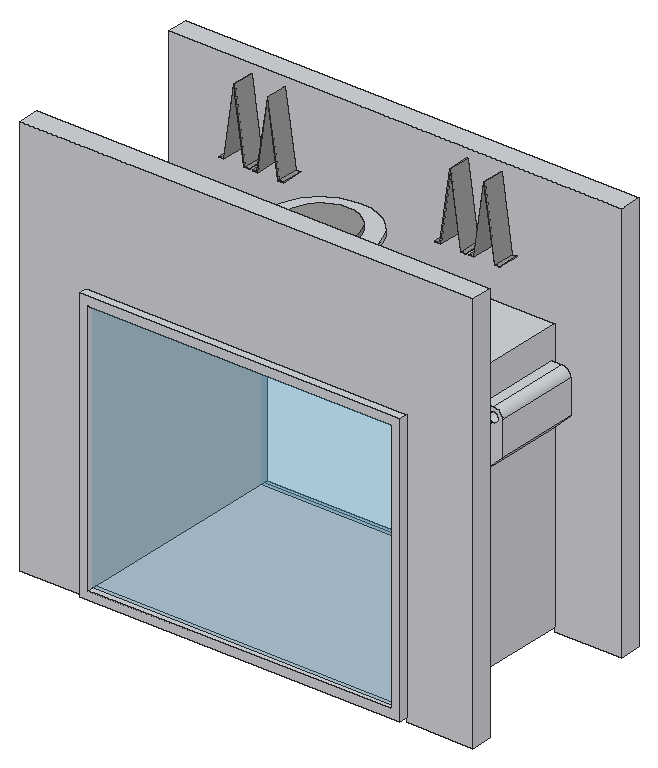
Revit family "TC-Series-TC36-See-Thru", category Mechanical Equipment, host Wall, Revit 2019
Family settings
  Host = Wall
  Round Connector Dimension = Use Diameter
  Part Type = Normal
  Always vertical = Yes
  Cut with Voids When Loaded = Yes
  Shared = Yes
  Room Calculation Point = No
Parameters (values of type "TC36 D2ST")
  UNIT WEIGHT = 0.00 lbf
  STANDARD CONFORMANCE = ""
  SPECIFICATION = ""
  SALES INFORMATION = ""
  PRODUCT DATA = ""
  MANUFACTURER WEBSITE = ""
  MANUFACTURER PHONE-TOLL FREE = ""
  MANUFACTURER PHONE = ""
  MANUFACTURER FAX = ""
  MANUFACTURER ADDRESS = ""
  INSTALLATION FABRICATION = ""
  HVAC BTU OUTPUT = 0.0 Btu/h
  GREEN BUILDING LEED = ""
  GAS PIPE SIZE = 0' - 0 1/4"
  FUEL TYPE = ""
  FUEL CNSUMPTION = ""
  FRAME MATERIAL = none
  FLUE CONNECTION SIZE = 0' - 6"
  UNIT WIDTH = 2' - 4 3/16"
  UNIT HEIGHT = 3' - 5 3/16"
  UNIT DEPTH = 2' - 0 7/16"
  MIN NON-COMBUSTIBLE FRAMING SUPPLIED [instance] = yes
  FLUE OFFSET FROM CENTER = 0' - 0.11275"
  FACE WIDTH = 3' - 1 3/4"
  FACE HEIGHT = 2' - 8"
  EFFICIENCY RATING = 0.00%
  CONSTRUCTION DETAILS = ""
  BUILDING CODES = ""
Reference planes (in)
  plane 1: y = 0
  plane 2 "Center (Left/Right)": x = 0
  plane 3 "Wall Edge": y = 26.46875
  plane 4: x = -18.875
  plane 5: x = 18.875
  plane 6: x = -14.09375
  plane 7: x = 14.09375
  plane 8: y = 25.875
  plane 9: y = 1.4375
  plane 10: z = 32.49764
  plane 11: z = 0.49764
  plane 12: z = 16.49764
  plane 13: z = 40.12264
  plane 14: z = -1.06486
Forms (in)
  Extrusion 1, solid
    sketch origin (0, -3.5, -1.56289) x (1, 0, 0) y (0, 0, 1)
      loop
        line (-18.875, 34.06053) -> (-18.875, 2.02538) -> (18.875, 2.02538) -> (18.875, 34.06053) -> (-18.875, 34.06053)
      loop
        line (-17.875, 33.06053) -> (-17.875, 3.02538) -> (17.875, 3.02538) -> (17.875, 33.06053) -> (-17.875, 33.06053)
    from -30.375 to -3.99299
  Extrusion 2, solid, material "Zinc"
    sketch origin (-39.86774, -3.07558, 40.62264) x (1, 0, 0) y (0, 1, 0)
      loop
        circle (39.755, 15.60227) r 4
    from 0 to 0.5
  Extrusion 3, solid, material "Glass"
    sketch origin (0, 1, -1.56289) x (1, 0, 0) y (0, 0, 1)
      loop
        line (-17.875, 33.06053) -> (-17.875, 3.02538) -> (17.875, 3.02538) -> (17.875, 33.06053) -> (-17.875, 33.06053)
    from 0 to -0.5
  Extrusion 4, solid, visible <- "MIN NON-COMBUSTIBLE FRAMING SUPPLIED"
    sketch origin (0, 1, -1.56289) x (1, 0, 0) y (0, 0, 1)
      loop
        line (26.71111, 49.00039) -> (-26.71111, 49.00039) -> (-26.71111, 1.56289) -> (-18.875, 1.56289) -> (-18.875, 34.06053) -> (18.875, 34.06053) -> (18.875, 1.56289) -> (26.71111, 1.56289) -> (26.71111, 49.00039)
    from -0.5 to -3
  Extrusion 5, solid, material "Glass"
    sketch origin (0, 26.375, -1.56289) x (1, 0, 0) y (0, 0, -1)
      loop
        line (-17.875, -33.06053) -> (17.875, -33.06053) -> (17.875, -3.02538) -> (-17.875, -3.02538) -> (-17.875, -33.06053)
    from 0 to -0.5
  Extrusion 6, solid, visible <- "MIN NON-COMBUSTIBLE FRAMING SUPPLIED"
    sketch origin (0, 26.375, -1.56289) x (1, 0, 0) y (0, 0, -1)
      loop
        line (26.71111, -49.00039) -> (26.71111, -1.56289) -> (18.875, -1.56289) -> (18.875, -34.06053) -> (-18.875, -34.06053) -> (-18.875, -1.56289) -> (-26.71111, -1.56289) -> (-26.71111, -49.00039) -> (26.71111, -49.00039)
    from -0.5 to -3
  Extrusion 7, solid, material "Rubble"
    sketch origin (17.875, -3.5, 1.46248) x (-1, 0, 0) y (0, -1, 0)
      loop
        line (4.02052, -12.5) -> (4.02052, -21.375) -> (31.25549, -21.375) -> (31.25549, -12.5) -> (4.02052, -12.5)
    from -1 to -0.5
  Extrusion 8, solid
    sketch origin (-23, -1.5, 40.12264) x (1, 0, 0) y (0, 1, 0)
      loop
        circle (22.88725, 14.02669) r 6
    from 0 to 0.5
  Extrusion 9, solid, material "Zinc"
    sketch origin (-1.4504, -0.625, 1.87264) x (1, 0, 0) y (0, 0, 1)
      loop
        line (-14.93196, 38.25) -> (-14.32351, 38.25) -> (-13.10638, 46.41095) -> (-11.93009, 38.25) -> (-11.28005, 38.25) -> (-11.28005, 38.3125) -> (-11.87528, 38.3125) -> (-13.07342, 46.625) -> (-13.13859, 46.625) -> (-14.37832, 38.3125) -> (-14.93196, 38.3125) -> (-14.93196, 38.25)
      loop
        line (-10.95756, 38.25) -> (-10.34911, 38.25) -> (-9.13198, 46.41095) -> (-7.95569, 38.25) -> (-7.30564, 38.25) -> (-7.30564, 38.3125) -> (-7.90088, 38.3125) -> (-9.09901, 46.625) -> (-9.16419, 46.625) -> (-10.40392, 38.3125) -> (-10.95756, 38.3125) -> (-10.95756, 38.25)
      loop
        line (18.18196, 38.25) -> (18.18196, 38.3125) -> (17.62832, 38.3125) -> (16.38859, 46.625) -> (16.32342, 46.625) -> (15.12528, 38.3125) -> (14.53005, 38.3125) -> (14.53005, 38.25) -> (15.18009, 38.25) -> (16.35638, 46.41095) -> (17.57351, 38.25) -> (18.18196, 38.25)
      loop
        line (14.20756, 38.25) -> (14.20756, 38.3125) -> (13.65392, 38.3125) -> (12.41419, 46.625) -> (12.34901, 46.625) -> (11.15088, 38.3125) -> (10.55564, 38.3125) -> (10.55564, 38.25) -> (11.20569, 38.25) -> (12.38198, 46.41095) -> (13.59911, 38.25) -> (14.20756, 38.25)
    from -18.5 to -21
Lines and regions (in)
  Opening 1
    outline origin (-60, 1.03125, 0) x (1, 0, 0) y (0, 0, 1)
      loop
        line (78.875, 32.49764) -> (41.125, 32.49764) -> (41.125, 0.46248) -> (78.875, 0.46248) -> (78.875, 32.49764)
Text (in)
  text "Placement Side" at (0, 40.15149, 123.01588), in view "Right"
  text "Placement Side" at (-86.4371, 48.14744, 0), in view "Ref. Level"
  text "Placement Side" at (0, 81.62555, 140.59947), in view "Left"
Dimensions and locks (in)
  locked: plane 3 "Wall Edge" to host wall
  equal spacing: plane 5, plane 2 "Center (Left/Right)", plane 4  (x2)
  "FACE WIDTH": plane 5 to plane 4
  equal spacing: plane 7, plane 2 "Center (Left/Right)", plane 6  (x2)
  "UNIT WIDTH": plane 7 to plane 6
  "UNIT DEPTH": plane 8 to plane 9
  equal spacing: plane 11, plane 12, plane 10
  "FACE HEIGHT": plane 11 to plane 10
  "UNIT HEIGHT": plane 14 to plane 13
  "FLUE OFFSET FROM CENTER": Extrusion 2 sketch curve to plane 2 "Center (Left/Right)"
  locked: plane 12 to nested 3 at 3.58984
  Extrusion 3 to Extrusion 5 = 2' - 1 3/8"
  aligned and locked: Extrusion 3 sketch curve to Extrusion 1  (x4)
  aligned and locked: Extrusion 1 to plane 4
  aligned and locked: Extrusion 1 to plane 5
  aligned and locked: plane 8 to Extrusion 6
  aligned and locked: plane 10 to Opening 1 sketch curve
  aligned and locked: Opening 1 sketch curve to Extrusion 4
  aligned and locked: Opening 1 sketch curve to plane 4
  aligned and locked: level to Extrusion 6 sketch curve  (x2)
  aligned and locked: Extrusion 4 sketch curve to Extrusion 6  (x3)
  aligned and locked: plane 10 to nested 2
  aligned and locked: plane 10 to nested 1
  aligned and locked: Extrusion 9 to plane 13  (x6)
Automatic sketch dimensions
  plane 4 to Extrusion 1 sketch curve = 0' - 1"
  Extrusion 1 sketch curve to plane 5 = 0' - 1"
  Extrusion 1 sketch curve to Extrusion 1 sketch curve = 0' - 1"  (x2)
  Extrusion 4 sketch curve to plane 5 = 0' - 0"
  Extrusion 4 sketch curve to plane 4 = 0' - 7.83611"
  plane 5 to Extrusion 4 sketch curve = 0' - 7.83611"
  Extrusion 6 sketch curve to plane 5 = 0' - 0"
  Extrusion 6 sketch curve to plane 4 = 0' - 7.83611"
  plane 5 to Extrusion 6 sketch curve = 0' - 7.83611"
  level to Extrusion 6 sketch curve = 3' - 11 7/16"
  Extrusion 6 sketch curve to Extrusion 6 sketch curve = 1' - 2.93986"
  plane 4 to Extrusion 5 sketch curve = 0' - 1"
  Extrusion 5 sketch curve to plane 5 = 0' - 1"
  Extrusion 5 sketch curve to plane 10 = 0' - 1"
  plane 11 to Extrusion 5 sketch curve = 0' - 0 247/256"
  Extrusion 6 sketch curve to plane 4 = 0' - 0"
  Extrusion 4 sketch curve to plane 4 = 0' - 0"
  Extrusion 4 sketch curve to plane 10 = 0' - 0"
  plane 4 to Extrusion 9 sketch curve = 0' - 2.49264"
  Extrusion 9 sketch curve to Extrusion 9 sketch curve = 0' - 0.55364"  (x4)
  Extrusion 9 sketch curve to Extrusion 9 sketch curve = 0' - 0.05481"  (x8)
  plane 4 to Extrusion 9 sketch curve = 0' - 4.28601"
  Extrusion 9 sketch curve to Extrusion 9 sketch curve = 0' - 0.03221"  (x2)
  Extrusion 9 sketch curve to Extrusion 9 sketch curve = 0' - 0.06518"  (x4)
  Extrusion 9 sketch curve to Extrusion 9 sketch curve = 0' - 2.39342"  (x4)
  Extrusion 9 sketch curve to Extrusion 9 sketch curve = 0' - 0.59523"  (x4)
  Extrusion 9 sketch curve to Extrusion 9 sketch curve = 0' - 0.32249"  (x2)
  Extrusion 9 sketch curve to Extrusion 9 sketch curve = 0' - 3.90923"  (x2)
  plane 2 "Center (Left/Right)" to Extrusion 9 sketch curve = 0' - 9.10525"
  Extrusion 9 sketch curve to Extrusion 9 sketch curve = 0' - 1.19814"
  Extrusion 9 sketch curve to Extrusion 9 sketch curve = 0' - 0.03297"  (x2)
  plane 11 to Extrusion 9 sketch curve = 3' - 3 5/8"  (x2)
  Extrusion 9 sketch curve to Extrusion 9 sketch curve = 0' - 0"  (x8)
  Extrusion 9 sketch curve to Extrusion 9 sketch curve = 0' - 0 1/16"  (x8)
  Extrusion 9 sketch curve to Extrusion 9 sketch curve = 0' - 8.09845"  (x2)
  Extrusion 9 sketch curve to Extrusion 9 sketch curve = 0' - 0.21405"  (x4)
  Extrusion 1 to Extrusion 7 sketch curve = 0' - 4.02052"
  Extrusion 7 sketch curve to Extrusion 1 = 0' - 4.49451"
  Extrusion 1 to Extrusion 7 sketch curve = 0' - 9"
  Extrusion 1 to Extrusion 7 sketch curve = 0' - 8.50701"
  Opening 1 sketch curve to plane 11 = 0' - 0 9/256"
  plane 4 to Extrusion 1 sketch curve = 0' - 0"
  Extrusion 1 sketch curve to plane 5 = 0' - 0"
  Extrusion 1 sketch curve to plane 10 = 0' - 0"
  plane 11 to Extrusion 1 sketch curve = 0' - 0 247/256"
  Extrusion 8 sketch curve to plane 2 "Center (Left/Right)" = 0' - 0.11275"
  host wall to Extrusion 8 sketch curve = 0' - 1.22331"
  host wall to Extrusion 2 sketch curve = 0' - 1.22331"
  radius of Extrusion 8 sketch curve = 0' - 6"
  radius of Extrusion 2 sketch curve = 0' - 4"
Nested families (in)
  nested 1: "Family2" at (23, 13, 20.60348) x (0, 0, 1) z (1, 0, 0), type "Family2"
  nested 2: "Family2" at (-23, 12.875, 20.60348) x (0, 0, 1) z (-1, 0, 0), type "Family2"
  nested 3: "Family2f" at (-23, 22.875, -2.41252) x (0, 0, 1) z (-1, 0, 0), type "Family2f"
Connectors (in)
  hvac at (-0.11275, 12.52669, 41.12264), driven by "FLUE CONNECTION SIZE"
    settings: on Extrusion 2, index 2, duct flow 0 CFM, flow factor 0, pres drop 0.00 in-wg, loss coef 0, conn angle 0.00°, conn width 12", conn height 12", conn diameter 6", duct sys type 3, conn prof type 0, flow config 0, flow direction 0, loss method 0, conn ref index -1, conn util no, is conn primary yes, conn desc ""
  electrical at (-29, 13.47748, 10.69869)
    settings: on nested 3, index 3, voltage 0 V, apparent load 0 VA, apparent load phase1 0 VA, apparent load phase2 0 VA, apparent load phase3 0 VA, power factor 1, load classification "Other", number of poles 1, system type 31, power factor state 1, is connector primary yes, connector utility no, sub classification motor no, connector description ""
  piping at (-26, 7.32996, 10.69869), diameter 0.25, driven by "GAS PIPE SIZE"
    settings: on nested 3, index 4, connector inside diameter 24", connector length 0' - 0", flow factor 0, pipe flow 0 GPM, pressure drop 0.00 psi, fitting loss kfactor 0, connector angle 0.00°, fixture units 0, engagement length 0' - 0", angle of deflection 0.00°, flow configuration 0, flow direction 0, fitting loss method 0, system type 29, joint type 0, gender type 0, connector reference index -1, connector utility 0, adjustable connector no, is connector primary yes, connector description ""
Definition of nested family "Family2"
  Parameters (values of type "Family2")
    Default Elevation = 4' - 0"
  Reference planes (in)
    plane 1 "Center (Front/Back)": y = 0
    plane 2: z = 0
    plane 3 "Center (Left/Right)": x = 0
  Forms (in)
    Extrusion 1, solid
      sketch origin (0, 0, 0) x (1, 0, 0) y (0, 1, 0)
        loop
          line (-48, 48) -> (-48, -48) -> (48, -48) -> (48, 48) -> (-48, 48)
      from 0 to -12
    Sweep 2, solid
      path origin (0, 0, 0) x (1, 0, 0) y (0, 1, 0)
        loop
          line (4.90701, -4.70044) -> (4.90701, 5.29956)
      profile "Sweep : Sweep" origin (4.90701, 0.29956, 0) x (-1, 0, 0) y (0, 0, 1)
        loop
          circle (-5.85469, 1.12794) r 0.63154
        loop
          line (-6.98715, 0) -> (0, 0) -> (0, 0.27626) -> (-1.94454, 2.22081) -> (-5.95236, 2.22081)
          arc (-5.95236, 2.22081) -> (-6.68406, 1.91772) -> (-6.98715, 1.18602) r 1.03479
          line (-6.98715, 1.18602) -> (-6.98715, 0)
  Dimensions and locks (in)
    aligned and locked: plane 2 to Extrusion 1
    aligned and locked: level to Extrusion 1
Definition of nested family "Family2f"
  Parameters (values of type "Family2f")
    Default Elevation = 4' - 0"
  Reference planes (in)
    plane 1 "Center (Front/Back)": y = 0
    plane 2: z = 0
    plane 3 "Center (Left/Right)": x = 0
  Forms (in)
    Extrusion 1, solid
      sketch origin (0, 0, 0) x (1, 0, 0) y (0, 1, 0)
        loop
          line (-48, 48) -> (-48, -48) -> (48, -48) -> (48, 48) -> (-48, 48)
      from 0 to -12
    Extrusion 2, solid
      sketch origin (0, 0, 0) x (1, 0, 0) y (0, 1, 0)
        loop
          line (3.72242, -15.54504) -> (22.5, -15.54504) -> (22.5, -3.25) -> (3.72242, -3.25) -> (3.72242, -15.54504)
      from 0 to 6
  Dimensions and locks (in)
    aligned and locked: plane 2 to Extrusion 1
    aligned and locked: level to Extrusion 1
